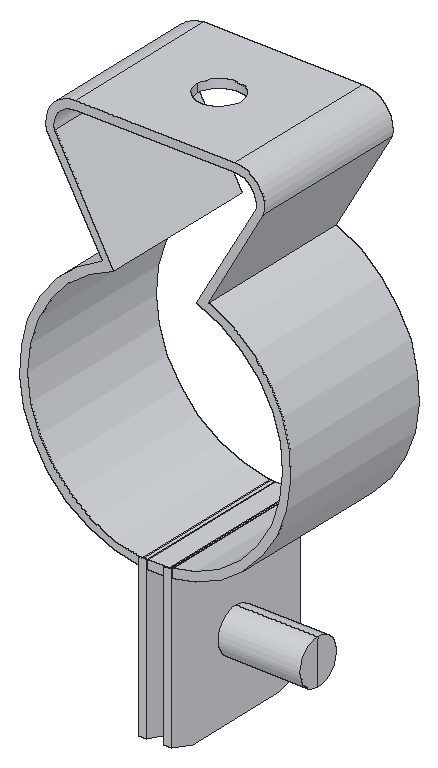
Revit family "emt-clamp-7310", category Pipe Accessories, Revit 2018
Family settings
  Round Connector Dimension = Use Diameter
  Part Type = Normal
  Work Plane-Based = No
  Always vertical = Yes
  Cut with Voids When Loaded = No
  Shared = No
Parameters (values of type "emt sizes")
  Weight [instance] = size_lookup(Lookup, "Weight", "NA", Nominal Diameter)  # "0.195 lbs."
  W_BL [instance] = size_lookup(Lookup, "W_BL", 0.000", Nominal Diameter)  # 1.000"
  URL = "http://www.fnw.com"
  Top [instance] = size_lookup(Lookup, "Top", 0.000", Nominal Diameter)  # 1.000"
  Swp R [instance] = (A / 2) - (Guage / 2)  # 0.8242"
  Report [instance] = 1.000"
  R3 [instance] = 0.097"  # constant formula
  R2 [instance] = 0.104"  # constant formula
  Product ID [instance] = size_lookup(Lookup, "ProductID", "NA", Nominal Diameter)  # "4107373"
  Part Number [instance] = size_lookup(Lookup, "PartNumber", "NA", Nominal Diameter)  # "FNW7310Z0125"
  Nominal Diameter [instance] = 1 1/2"
  MT_Div [instance] = Guage / 2  # 0.0258"
  Lookup = "7310-EMT-Clamp"  # constant formula
  HC1 [instance] = W_BL / 2  # 0.500"
  Guage [instance] = size_lookup(Lookup, "Guage", 0.000", Nominal Diameter)  # 0.0516"
  F4 [instance] = 0.140"  # constant formula
  F3 [instance] = size_lookup(Lookup, "F3", 0.000", Nominal Diameter)  # 0.160"
  F1 = 1.388"  # constant formula
  Description BOM [instance] = size_lookup(Lookup, "Description_BOM", "NA", Nominal Diameter)  # "1-1/2 EMT & 1-1/4 RGD Plated Conduit Hanger"
  B_Div [instance] = B / 2  # 0.140"
  BL = 0.516"  # constant formula
  BHR [instance] = B - (B / 4)  # 0.210"
  BH = 0.121"  # constant formula
  B [instance] = size_lookup(Lookup, "B", 0.000", Nominal Diameter)  # 0.280"
  Angle1 = 147.58°  # constant formula
  A_Div [instance] = A / 4  # 0.425"
  A_BL [instance] = size_lookup(Lookup, "A_BL", 0.000", Nominal Diameter)  # 1.625"
  AM [instance] = A - 0.250"  # 1.450"
  AIR [instance] = (A / 2) - Guage  # 0.7984"
  A [instance] = size_lookup(Lookup, "A", 0.000", Nominal Diameter)  # 1.700"
Reference planes (in)
  plane 1 "Center (Front/Back)": y = 0
  plane 2: z = 0
  plane 3 "Center (Left/Right)": x = 0
  plane 4: z = 0.85
  plane 5: z = -0.85
  plane 6: x = -0.85
  plane 7: x = 0.85
  plane 8: z = 1.625
  plane 9: y = 0.5
  plane 10: y = -0.5
  plane 11: z = -1.85
  plane 12: x = -0.0516
  plane 13: x = 0.0516
  plane 14: x = -0.1032
  plane 15: x = 0.1032
  plane 16: z = -1.7984
  plane 17 "HC": z = -1.425
  plane 18: z = 1.5992
  plane 19: z = -1.35
  plane 20: z = -1.35
Forms (in)
  Extrusion 1, solid
    sketch origin (0, 0, 0) x (1, 0, 0) y (0, 0, 1)
      loop
        line (-0.1032, -0.7917) -> (-0.1032, -1.85) -> (-0.0516, -1.85) -> (-0.0516, -0.79673)
        arc (-0.0516, -0.79673) -> (-0.07744, -0.79464) -> (-0.1032, -0.7917) r 0.7984
      loop
        line (0.0516, -0.79673) -> (0.0516, -1.85) -> (0.1032, -1.85) -> (0.1032, -0.7917)
        arc (0.1032, -0.7917) -> (0.07744, -0.79464) -> (0.0516, -0.79673) r 0.7984
    from -0.5 to 0.5
  Extrusion 2, void
    sketch origin (0, 0, 0) x (0, 1, 0) y (0, 0, 1)
      loop
        arc (0.5, -1.7984) -> (0, -1.89159) -> (-0.5, -1.7984) r 1.388
        line (-0.5, -1.7984) -> (-0.5, -2.0784) -> (0.5, -2.0784) -> (0.5, -1.7984)
      loop
        circle (0, 0) r 0.14
    from -0.85 to 0.85
  Sweep 3, solid
    path origin (0, 0, 0) x (1, 0, 0) y (0, 0, 1)
      loop
        arc (-0.29588, 0.76926) -> (0, -0.8242) -> (0.29588, 0.76926) r 0.8242
        line (0.29588, 0.76926) -> (0.65663, 1.40651)
        arc (0.65663, 1.40651) -> (0.62416, 1.54012) -> (0.5, 1.5992) r 0.16
        line (0.5, 1.5992) -> (-0.5, 1.5992)
        arc (-0.5, 1.5992) -> (-0.62416, 1.54012) -> (-0.65663, 1.40651) r 0.16
        line (-0.65663, 1.40651) -> (-0.29588, 0.76926)
    profile origin (0, 0, -0.8242) x (0, 0, 1) y (0, -1, 0)
      loop
        line (0.0258, -0.5) -> (0.0258, 0.5) -> (-0.0258, 0.5) -> (-0.0258, -0.5) -> (0.0258, -0.5)
  Extrusion 4, void
    sketch origin (0, 0, 0) x (1, 0, 0) y (0, 1, 0)
      loop
        circle (0, 0) r 0.14
    from 0.85 to 1.625
  Revolve 5, void
    sketch origin (0, 0, 0) x (1, 0, 0) y (0, 0, 1)
      loop
        line (-0.1032, -1.21) -> (-0.1032, -1.35) -> (0.1032, -1.35) -> (0.1032, -1.21) -> (-0.1032, -1.21)
      axis (0.1032, -1.35) -> (-0.1032, -1.35)
    angle from 0 to 360
  Revolve 6, solid
    sketch origin (0, 0, 0) x (1, 0, 0) y (0, 0, 1)
      loop
        line (-0.2242, -1.35) -> (-0.1032, -1.35) -> (0.6192, -1.35) -> (0.6192, -1.21) -> (-0.1032, -1.21) -> (-0.1032, -1.14) -> (-0.2242, -1.14) -> (-0.2242, -1.35)
      axis (0.6192, -1.35) -> (-0.2242, -1.35)
    angle from 0 to 360
  Extrusion 7, solid, not visible
    sketch origin (0, 0, 0) x (1, 0, 0) y (0, 0, 1)
      loop
        circle (0, 0) r 0.29573
    from -0.5 to 0
Cuts and joins
  Extrusion 2, Revolve 5 cuts Extrusion 1
  Extrusion 4 cuts Sweep 3
Dimensions and locks (in)
  equal spacing: plane 4, plane 2, plane 5
  "A": plane 4 to plane 5
  equal spacing: plane 7, plane 3 "Center (Left/Right)", plane 6
  "A": plane 7 to plane 6
  "A_BL": plane 8 to plane 2
  equal spacing: plane 10, plane 1 "Center (Front/Back)", plane 9
  "W_BL": plane 10 to plane 9
  "Guage": plane 3 "Center (Left/Right)" to plane 12
  "Guage": plane 13 to plane 3 "Center (Left/Right)"
  "Guage": plane 12 to plane 14
  "Guage": plane 13 to plane 15
  "Guage": plane 16 to plane 11
  "B": plane 16 to Extrusion 2 sketch curve
  "A_Div": plane 11 to plane 17 "HC"
  equal spacing: Sweep 3 sketch curve, profile plane, Sweep 3 sketch curve
  "Guage": Sweep 3 sketch curve to Sweep 3 sketch curve
  "MT_Div": plane 8 to plane 18
  equal spacing: Sweep 3 sketch curve, plane 3 "Center (Left/Right)", Sweep 3 sketch curve
  "Top": Sweep 3 sketch curve to Sweep 3 sketch curve
  "W_BL": plane 5 to plane 11
  "HC1": Revolve 5 sketch curve to plane 11
  "HC1": plane 19 to plane 11
  "B_Div": Revolve 5 sketch curve to plane 19
  "HC1": Revolve 6 sketch curve to plane 11
  "HC1": plane 20 to plane 11
  "B_Div": Revolve 6 sketch curve to plane 20
  "BHR": Revolve 6 sketch curve to plane 20
  "BH": Revolve 6 sketch curve to plane 14
  "BL": plane 15 to Revolve 6 sketch curve
  "AIR": radius of Extrusion 1 sketch curve  (x2)
  "F1": radius of Extrusion 2 sketch curve
  "B": diameter of Extrusion 2 sketch curve
  "Swp R": radius of Sweep 3 sketch curve
  "F3": radius of Sweep 3 sketch curve  (x2)
  "B": diameter of Extrusion 4 sketch curve
  aligned and locked: plane 2 to level
  aligned and locked: Extrusion 1 sketch curve to plane 14
  aligned and locked: Extrusion 1 sketch curve to plane 12
  aligned and locked: Extrusion 1 sketch curve to plane 11  (x2)
  aligned and locked: Extrusion 1 sketch curve to plane 15
  aligned and locked: plane 13 to Extrusion 1 sketch curve
  aligned and locked: Extrusion 1 to plane 9
  aligned and locked: Extrusion 2 to plane 6
  aligned and locked: plane 7 to Extrusion 2
  aligned and locked: plane 10 to Sweep 3 sketch curve
  aligned and locked: plane 9 to Sweep 3 sketch curve
  aligned and locked: plane 18 to Sweep 3 sketch curve
  aligned and locked: Extrusion 2 to Extrusion 1
  aligned and locked: Extrusion 1 to plane 10
  aligned and locked: plane 8 to Extrusion 4
  aligned and locked: plane 4 to Extrusion 4
  aligned and locked: Revolve 5 sketch curve to plane 14
  aligned and locked: Revolve 5 sketch curve to plane 15
  aligned and locked: plane 19 to Revolve 5 sketch curve
  aligned and locked: plane 20 to Revolve 6 sketch curve
  aligned and locked: plane 14 to Revolve 6 sketch curve
  aligned and locked: Extrusion 7 to plane 9
  aligned and locked: plane 1 "Center (Front/Back)" to Extrusion 7
Automatic sketch dimensions
  Extrusion 7 sketch curve to level = 0.000"
  Extrusion 7 sketch curve to plane 3 "Center (Left/Right)" = 0.000"
  Extrusion 1 sketch curve to Extrusion 1 sketch curve = 0.000"  (x2)
  Extrusion 1 sketch curve to level = 0.000"
  Extrusion 1 sketch curve to plane 3 "Center (Left/Right)" = 0.000"
  Extrusion 2 sketch curve to plane 10 = 0.000"
  Extrusion 2 sketch curve to plane 1 "Center (Front/Back)" = 0.000"  (x2)
  Extrusion 2 sketch curve to level = 0.000"
  Extrusion 2 sketch curve to plane 9 = 0.000"
  Extrusion 2 sketch curve to plane 16 = 0.000"
  Sweep 3 sketch curve to level = 0.000"
  Sweep 3 sketch curve to plane 3 "Center (Left/Right)" = 0.000"
  plane 18 to Sweep 3 sketch curve = 0.19269"  (x2)
  plane 4 to Sweep 3 sketch curve = 0.08074"  (x2)
  plane 1 "Center (Front/Back)" to Extrusion 4 sketch curve = 0.000"
  Extrusion 4 sketch curve to plane 3 "Center (Left/Right)" = 0.000"
  Revolve 5 sketch curve to plane 3 "Center (Left/Right)" = 0.000"
  Revolve 5 sketch curve to plane 6 = 0.81909"
  plane 14 to Revolve 6 sketch curve = 0.000"
  Revolve 6 sketch curve to plane 6 = 0.63684"
  plane 15 to Revolve 6 sketch curve = 0.05401"
  radius of Extrusion 7 sketch curve = 0.29573"
Connectors (in)
  piping at (0, 0, 0), diameter 1.5, driven by "Nominal Diameter"
    settings: on Extrusion 7, index 1, connector inside diameter 24", connector length 0.000", flow factor 0, pipe flow 0 GPM, pressure drop 0.00 psi, fitting loss kfactor 0, connector angle 0.00°, fixture units 0, engagement length 0.000", angle of deflection 0.00°, flow configuration 0, flow direction 0, fitting loss method 0, system type 19, joint type 0, gender type 0, connector reference index -1, connector utility 0, adjustable connector no, is connector primary yes, connector description ""
